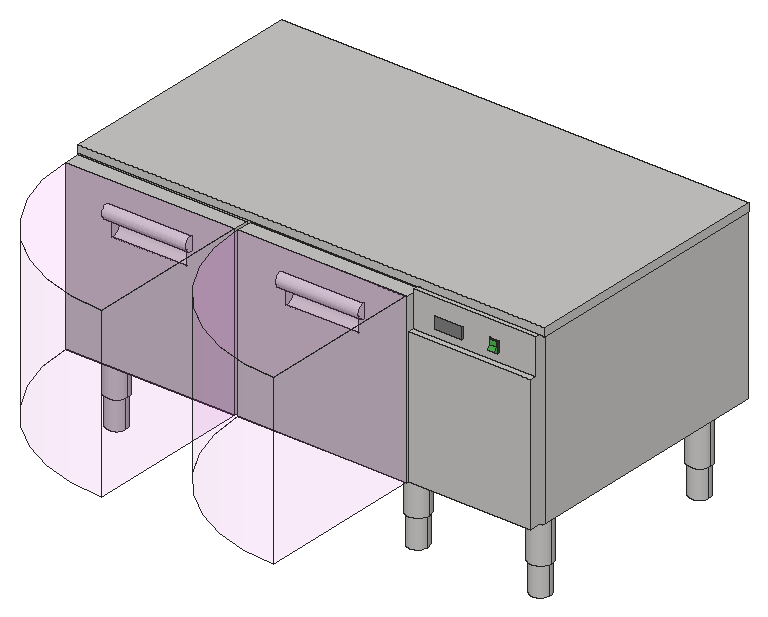
Revit family "QF_ZANUSSI_372291_Z7TTCECOMIN", category Specialty Equipment, Revit 2021 (continued)
Automatic sketch dimensions
  Split face 9 sketch curve to Split face 9 sketch curve = 31.959 mm
  Split face 9 sketch curve to Extrusion 2 = 82.999 mm
  Split face 9 sketch curve to Split face 9 sketch curve = 4 mm
  Split face 10 sketch curve to Extrusion 2 = 30.5 mm
  Split face 10 sketch curve to Split face 10 sketch curve = 0.02 mm  (x2)
  Split face 10 sketch curve to Split face 10 sketch curve = 31.959 mm
  Split face 10 sketch curve to Extrusion 2 = 71 mm
  Split face 10 sketch curve to Split face 10 sketch curve = 4 mm
  Split face 11 sketch curve to Extrusion 2 = 30.5 mm
  Split face 11 sketch curve to Split face 11 sketch curve = 0.02 mm  (x2)
  Split face 11 sketch curve to Split face 11 sketch curve = 31.959 mm
  Split face 11 sketch curve to Extrusion 2 = 59 mm
  Split face 11 sketch curve to Split face 11 sketch curve = 4 mm
  Split face 12 sketch curve to Extrusion 2 = 30.5 mm
  Split face 12 sketch curve to Split face 12 sketch curve = 0.02 mm  (x2)
  Split face 12 sketch curve to Split face 12 sketch curve = 31.959 mm
  Split face 12 sketch curve to Extrusion 2 = 47 mm
  Split face 12 sketch curve to Split face 12 sketch curve = 4 mm
  Split face 13 sketch curve to Extrusion 2 = 30.5 mm
  Split face 13 sketch curve to Split face 13 sketch curve = 0.02 mm  (x2)
  Split face 13 sketch curve to Split face 13 sketch curve = 31.959 mm
  Split face 13 sketch curve to Extrusion 2 = 35 mm
  Split face 13 sketch curve to Split face 13 sketch curve = 4 mm
  Split face 14 sketch curve to Extrusion 2 = 30.5 mm
  Split face 14 sketch curve to Split face 14 sketch curve = 0.02 mm  (x2)
  Split face 14 sketch curve to Split face 14 sketch curve = 31.959 mm
  Split face 14 sketch curve to Extrusion 2 = 23 mm
  Split face 14 sketch curve to Split face 14 sketch curve = 4 mm
  Split face 15 sketch curve to Extrusion 2 = 30.5 mm
  Split face 15 sketch curve to Split face 15 sketch curve = 0.02 mm  (x2)
  Split face 15 sketch curve to Split face 15 sketch curve = 31.959 mm
  Split face 15 sketch curve to Extrusion 2 = 130.896 mm
  Split face 15 sketch curve to Split face 15 sketch curve = 4 mm
  plane 10 to Extrusion 6 sketch curve = 15 mm
  Extrusion 7 sketch curve to plane 11 = 0 mm
  Extrusion 7 sketch curve to plane 6 "BACK" = 0 mm
  Extrusion 7 sketch curve to plane 14 "TOP" = 0 mm
  plane 14 "TOP" to Extrusion 7 sketch curve = 20 mm
  Extrusion 8 sketch curve to plane 7 "FRONT" = 0 mm  (x3)
  Extrusion 8 sketch curve to plane 14 "TOP" = 90.566 mm
  Extrusion 8 sketch curve to Extrusion 8 sketch curve = 8.275 mm
  Extrusion 9 sketch curve to plane 7 "FRONT" = 0 mm
  Extrusion 9 sketch curve to plane 7 "FRONT" = 2.777 mm
  plane 7 "FRONT" to Extrusion 9 sketch curve = 21.853 mm
  Extrusion 9 sketch curve to plane 11 = 4.5 mm
  Extrusion 9 sketch curve to plane 14 "TOP" = 128.294 mm
  Extrusion 9 sketch curve to Extrusion 9 sketch curve = 18.821 mm
  Extrusion 10 sketch curve to plane 7 "FRONT" = 0 mm  (x3)
  Extrusion 10 sketch curve to plane 14 "TOP" = 90.566 mm
  Extrusion 10 sketch curve to Extrusion 10 sketch curve = 8.275 mm
  Extrusion 11 sketch curve to plane 7 "FRONT" = 0 mm
  Extrusion 11 sketch curve to plane 7 "FRONT" = 2.777 mm
  plane 7 "FRONT" to Extrusion 11 sketch curve = 21.853 mm
  Extrusion 11 sketch curve to plane 11 = 4.5 mm
  Extrusion 11 sketch curve to plane 14 "TOP" = 128.294 mm
  Extrusion 11 sketch curve to Extrusion 11 sketch curve = 18.821 mm
  Extrusion 7 to Extrusion 12 sketch curve = 40.593 mm  (x2)
  Extrusion 12 sketch curve to Extrusion 12 sketch curve = 3.906 mm
  Extrusion 12 sketch curve to Extrusion 12 sketch curve = 0 mm
  Extrusion 12 sketch curve to Extrusion 12 sketch curve = 427.613 mm  (x2)
  Extrusion 7 to Extrusion 12 sketch curve = 4 mm
  Extrusion 12 sketch curve to Extrusion 12 sketch curve = 431.508 mm
  Extrusion 12 sketch curve to Extrusion 12 sketch curve = 8 mm
  Extrusion 7 to Extrusion 12 sketch curve = 320.492 mm
  Extrusion 13 sketch curve to plane 14 "TOP" = 0.8 mm  (x2)
  plane 12 to Extrusion 13 sketch curve = 51 mm
  Extrusion 13 sketch curve to plane 12 = 72.699 mm
  Extrusion 13 sketch curve to plane 3 "Centro (Sinistra/Destra)" = 29.3 mm
  plane 13 to Extrusion 13 sketch curve = 1.587 mm  (x2)
  Extrusion 13 sketch curve to plane 3 "Centro (Sinistra/Destra)" = 153 mm
  Extrusion 13 sketch curve to Extrusion 13 sketch curve = 7.999 mm
  Extrusion 13 sketch curve to Extrusion 13 sketch curve = 123.7 mm
  plane 9 to Extrusion 13 sketch curve = 68.7 mm
  plane 15 "LEFT" to Extrusion 13 sketch curve = 5 mm
  Extrusion 13 sketch curve to plane 14 "TOP" = 128.294 mm  (x2)
  Extrusion 13 sketch curve to Extrusion 13 sketch curve = 43.294 mm  (x2)
  Split face 16 sketch curve to Extrusion 2 = 30.5 mm
  Split face 16 sketch curve to Split face 16 sketch curve = 0.02 mm  (x2)
  Split face 16 sketch curve to Split face 16 sketch curve = 31.959 mm
  Split face 16 sketch curve to Extrusion 2 = 118.208 mm
  Split face 16 sketch curve to Split face 16 sketch curve = 4 mm
  Split face 17 sketch curve to Extrusion 2 = 30.5 mm
  Split face 17 sketch curve to Split face 17 sketch curve = 0.02 mm  (x2)
  Split face 17 sketch curve to Split face 17 sketch curve = 31.959 mm
  Split face 17 sketch curve to Extrusion 2 = 130.208 mm
  Split face 17 sketch curve to Split face 17 sketch curve = 4 mm
  Split face 18 sketch curve to Extrusion 2 = 30.5 mm
  Split face 18 sketch curve to Split face 18 sketch curve = 0.02 mm  (x2)
  Split face 18 sketch curve to Split face 18 sketch curve = 31.959 mm
  Split face 18 sketch curve to Extrusion 2 = 142.208 mm
  Split face 18 sketch curve to Split face 18 sketch curve = 4 mm
  Split face 19 sketch curve to Extrusion 2 = 30.5 mm
  Split face 19 sketch curve to Split face 19 sketch curve = 0.02 mm  (x2)
  Split face 19 sketch curve to Split face 19 sketch curve = 31.959 mm
  Split face 19 sketch curve to Extrusion 2 = 154.896 mm
  Split face 19 sketch curve to Split face 19 sketch curve = 4 mm
  Split face 20 sketch curve to Extrusion 2 = 30.5 mm
  Split face 20 sketch curve to Split face 20 sketch curve = 0.02 mm  (x2)
  Split face 20 sketch curve to Split face 20 sketch curve = 31.959 mm
  Split face 20 sketch curve to Extrusion 2 = 142.896 mm
  Split face 20 sketch curve to Split face 20 sketch curve = 4 mm
  Split face 21 sketch curve to Extrusion 2 = 30.5 mm
  Split face 21 sketch curve to Split face 21 sketch curve = 0.02 mm  (x2)
  Split face 21 sketch curve to Split face 21 sketch curve = 31.959 mm
  Split face 21 sketch curve to Extrusion 2 = 106.208 mm
  Split face 21 sketch curve to Split face 21 sketch curve = 4 mm
  Split face 22 sketch curve to Extrusion 2 = 14.312 mm
  Split face 22 sketch curve to Extrusion 2 = 30.5 mm
  Split face 22 sketch curve to Split face 22 sketch curve = 0.02 mm  (x2)
  Split face 22 sketch curve to Extrusion 2 = 10.312 mm
  Split face 22 sketch curve to Split face 22 sketch curve = 31.959 mm
  Split face 23 sketch curve to Extrusion 2 = 30.5 mm
  Split face 23 sketch curve to Split face 23 sketch curve = 0.02 mm  (x2)
  Split face 23 sketch curve to Split face 23 sketch curve = 31.959 mm
  Split face 23 sketch curve to Extrusion 2 = 22.312 mm
  Split face 23 sketch curve to Split face 23 sketch curve = 4 mm
  Split face 24 sketch curve to Extrusion 2 = 30.5 mm
  Split face 24 sketch curve to Split face 24 sketch curve = 0.02 mm  (x2)
  Split face 24 sketch curve to Split face 24 sketch curve = 31.959 mm
  Split face 24 sketch curve to Extrusion 2 = 34.312 mm
  Split face 24 sketch curve to Split face 24 sketch curve = 4 mm
  Split face 25 sketch curve to Extrusion 2 = 30.5 mm
  Split face 25 sketch curve to Split face 25 sketch curve = 0.02 mm  (x2)
  Split face 25 sketch curve to Split face 25 sketch curve = 31.959 mm
  Split face 25 sketch curve to Extrusion 2 = 46.209 mm
  Split face 25 sketch curve to Split face 25 sketch curve = 4 mm
  Split face 26 sketch curve to Extrusion 2 = 30.5 mm
  Split face 26 sketch curve to Split face 26 sketch curve = 0.02 mm  (x2)
  Split face 26 sketch curve to Split face 26 sketch curve = 31.959 mm
  Split face 26 sketch curve to Extrusion 2 = 58.208 mm
  Split face 26 sketch curve to Split face 26 sketch curve = 4 mm
  Split face 27 sketch curve to Extrusion 2 = 30.5 mm
  Split face 27 sketch curve to Split face 27 sketch curve = 0.02 mm  (x2)
  Split face 27 sketch curve to Split face 27 sketch curve = 31.959 mm
  Split face 27 sketch curve to Extrusion 2 = 70.208 mm
  Split face 27 sketch curve to Split face 27 sketch curve = 4 mm
  Split face 28 sketch curve to Extrusion 2 = 30.5 mm
  Split face 28 sketch curve to Split face 28 sketch curve = 0.02 mm  (x2)
  Split face 28 sketch curve to Split face 28 sketch curve = 31.959 mm
  Split face 28 sketch curve to Extrusion 2 = 82.208 mm
  Split face 28 sketch curve to Split face 28 sketch curve = 4 mm
  Split face 29 sketch curve to Extrusion 2 = 30.5 mm
  Split face 29 sketch curve to Split face 29 sketch curve = 0.02 mm  (x2)
  Split face 29 sketch curve to Split face 29 sketch curve = 31.959 mm
  Split face 29 sketch curve to Extrusion 2 = 94.208 mm
  Split face 29 sketch curve to Split face 29 sketch curve = 4 mm
  Split face 30 sketch curve to Extrusion 2 = 85.5 mm
  Split face 30 sketch curve to Split face 30 sketch curve = 0.02 mm  (x2)
  Split face 30 sketch curve to Split face 30 sketch curve = 31.959 mm
  Split face 30 sketch curve to Extrusion 2 = 118.896 mm
  Split face 30 sketch curve to Split face 30 sketch curve = 4 mm
  Split face 31 sketch curve to Extrusion 2 = 85.5 mm
  Split face 31 sketch curve to Split face 31 sketch curve = 0.02 mm  (x2)
  Split face 31 sketch curve to Split face 31 sketch curve = 31.959 mm
  Split face 31 sketch curve to Extrusion 2 = 106.896 mm
  Split face 31 sketch curve to Split face 31 sketch curve = 4 mm
  Split face 32 sketch curve to Extrusion 2 = 85.5 mm
  Split face 32 sketch curve to Split face 32 sketch curve = 0.02 mm  (x2)
  Split face 32 sketch curve to Split face 32 sketch curve = 31.959 mm
  Split face 32 sketch curve to Extrusion 2 = 94.897 mm
  Split face 32 sketch curve to Split face 32 sketch curve = 4 mm
  Split face 33 sketch curve to Extrusion 2 = 85.5 mm
  Split face 33 sketch curve to Split face 33 sketch curve = 0.02 mm  (x2)
  Split face 33 sketch curve to Split face 33 sketch curve = 31.959 mm
  Split face 33 sketch curve to Extrusion 2 = 82.999 mm
  Split face 33 sketch curve to Split face 33 sketch curve = 4 mm
  Split face 34 sketch curve to Extrusion 2 = 85.5 mm
  Split face 34 sketch curve to Split face 34 sketch curve = 0.02 mm  (x2)
  Split face 34 sketch curve to Split face 34 sketch curve = 31.959 mm
  Split face 34 sketch curve to Extrusion 2 = 71 mm
  Split face 34 sketch curve to Split face 34 sketch curve = 4 mm
  Split face 35 sketch curve to Extrusion 2 = 85.5 mm
  Split face 35 sketch curve to Split face 35 sketch curve = 0.02 mm  (x2)
  Split face 35 sketch curve to Split face 35 sketch curve = 31.959 mm
  Split face 35 sketch curve to Extrusion 2 = 59 mm
  Split face 35 sketch curve to Split face 35 sketch curve = 4 mm
  Split face 36 sketch curve to Extrusion 2 = 85.5 mm
  Split face 36 sketch curve to Split face 36 sketch curve = 0.02 mm  (x2)
  Split face 36 sketch curve to Split face 36 sketch curve = 31.959 mm
  Split face 36 sketch curve to Extrusion 2 = 47 mm
  Split face 36 sketch curve to Split face 36 sketch curve = 4 mm
  Split face 37 sketch curve to Extrusion 2 = 31 mm
  Split face 37 sketch curve to Extrusion 2 = 85.5 mm
  Split face 37 sketch curve to Split face 37 sketch curve = 0.02 mm  (x2)
  Split face 37 sketch curve to Split face 37 sketch curve = 31.959 mm
  Split face 37 sketch curve to Split face 37 sketch curve = 4 mm
  Split face 38 sketch curve to Extrusion 2 = 19 mm
  Split face 38 sketch curve to Extrusion 2 = 85.5 mm
  Split face 38 sketch curve to Split face 38 sketch curve = 0.02 mm  (x2)
  Split face 38 sketch curve to Split face 38 sketch curve = 31.959 mm
  Split face 38 sketch curve to Split face 38 sketch curve = 4 mm
  Split face 39 sketch curve to Extrusion 2 = 85.5 mm
  Split face 39 sketch curve to Split face 39 sketch curve = 0.02 mm  (x2)
  Split face 39 sketch curve to Split face 39 sketch curve = 31.959 mm
  Split face 39 sketch curve to Extrusion 2 = 130.896 mm
  Split face 39 sketch curve to Split face 39 sketch curve = 4 mm
  Split face 40 sketch curve to Extrusion 2 = 85.5 mm
  Split face 40 sketch curve to Split face 40 sketch curve = 0.02 mm  (x2)
  Split face 40 sketch curve to Split face 40 sketch curve = 31.959 mm
  Split face 40 sketch curve to Extrusion 2 = 118.208 mm
  Split face 40 sketch curve to Split face 40 sketch curve = 4 mm
  Split face 41 sketch curve to Extrusion 2 = 85.5 mm
  Split face 41 sketch curve to Split face 41 sketch curve = 0.02 mm  (x2)
  Split face 41 sketch curve to Split face 41 sketch curve = 31.959 mm
  Split face 41 sketch curve to Extrusion 2 = 130.208 mm
  Split face 41 sketch curve to Split face 41 sketch curve = 4 mm
  Split face 42 sketch curve to Extrusion 2 = 85.5 mm
  Split face 42 sketch curve to Split face 42 sketch curve = 0.02 mm  (x2)
  Split face 42 sketch curve to Split face 42 sketch curve = 31.959 mm
  Split face 42 sketch curve to Extrusion 2 = 142.208 mm
  Split face 42 sketch curve to Split face 42 sketch curve = 4 mm
  Split face 43 sketch curve to Extrusion 2 = 85.5 mm
  Split face 43 sketch curve to Split face 43 sketch curve = 0.02 mm  (x2)
  Split face 43 sketch curve to Split face 43 sketch curve = 31.959 mm
  Split face 43 sketch curve to Extrusion 2 = 154.896 mm
  Split face 43 sketch curve to Split face 43 sketch curve = 4 mm
  Split face 44 sketch curve to Extrusion 2 = 85.5 mm
  Split face 44 sketch curve to Split face 44 sketch curve = 0.02 mm  (x2)
  Split face 44 sketch curve to Split face 44 sketch curve = 31.959 mm
  Split face 44 sketch curve to Extrusion 2 = 142.896 mm
  Split face 44 sketch curve to Split face 44 sketch curve = 4 mm
  Split face 45 sketch curve to Extrusion 2 = 85.5 mm
  Split face 45 sketch curve to Split face 45 sketch curve = 0.02 mm  (x2)
  Split face 45 sketch curve to Split face 45 sketch curve = 31.959 mm
  Split face 45 sketch curve to Extrusion 2 = 106.208 mm
  Split face 45 sketch curve to Split face 45 sketch curve = 4 mm
  Split face 46 sketch curve to Extrusion 2 = 14.312 mm
  Split face 46 sketch curve to Extrusion 2 = 85.5 mm
  Split face 46 sketch curve to Split face 46 sketch curve = 0.02 mm  (x2)
  Split face 46 sketch curve to Extrusion 2 = 10.312 mm
  Split face 46 sketch curve to Split face 46 sketch curve = 31.959 mm
  Split face 47 sketch curve to Extrusion 2 = 26.312 mm
  Split face 47 sketch curve to Extrusion 2 = 85.5 mm
  Split face 47 sketch curve to Split face 47 sketch curve = 0.02 mm  (x2)
  Split face 47 sketch curve to Split face 47 sketch curve = 31.959 mm
  Split face 47 sketch curve to Split face 47 sketch curve = 4 mm
  Split face 48 sketch curve to Extrusion 2 = 38.311 mm
  Split face 48 sketch curve to Extrusion 2 = 85.5 mm
  Split face 48 sketch curve to Split face 48 sketch curve = 0.02 mm  (x2)
  Split face 48 sketch curve to Split face 48 sketch curve = 31.959 mm
  Split face 48 sketch curve to Split face 48 sketch curve = 4 mm
  Split face 49 sketch curve to Extrusion 2 = 85.5 mm
  Split face 49 sketch curve to Split face 49 sketch curve = 0.02 mm  (x2)
  Split face 49 sketch curve to Split face 49 sketch curve = 31.959 mm
  Split face 49 sketch curve to Extrusion 2 = 46.209 mm
  Split face 49 sketch curve to Split face 49 sketch curve = 4 mm
  Split face 50 sketch curve to Extrusion 2 = 85.5 mm
  Split face 50 sketch curve to Split face 50 sketch curve = 0.02 mm  (x2)
  Split face 50 sketch curve to Split face 50 sketch curve = 31.959 mm
  Split face 50 sketch curve to Extrusion 2 = 58.208 mm
  Split face 50 sketch curve to Split face 50 sketch curve = 4 mm
  Split face 51 sketch curve to Extrusion 2 = 85.5 mm
  Split face 51 sketch curve to Split face 51 sketch curve = 0.02 mm  (x2)
  Split face 51 sketch curve to Split face 51 sketch curve = 31.959 mm
  Split face 51 sketch curve to Extrusion 2 = 70.208 mm
  Split face 51 sketch curve to Split face 51 sketch curve = 4 mm
  Split face 52 sketch curve to Extrusion 2 = 85.5 mm
  Split face 52 sketch curve to Split face 52 sketch curve = 0.02 mm  (x2)
  Split face 52 sketch curve to Split face 52 sketch curve = 31.959 mm
  Split face 52 sketch curve to Extrusion 2 = 82.208 mm
  Split face 52 sketch curve to Split face 52 sketch curve = 4 mm
  Split face 53 sketch curve to Extrusion 2 = 85.5 mm
  Split face 53 sketch curve to Split face 53 sketch curve = 0.02 mm  (x2)
  Split face 53 sketch curve to Split face 53 sketch curve = 31.959 mm
  Split face 53 sketch curve to Extrusion 2 = 94.208 mm
  Split face 53 sketch curve to Split face 53 sketch curve = 4 mm
  Split face 54 sketch curve to Extrusion 2 = 140.5 mm
  Split face 54 sketch curve to Split face 54 sketch curve = 0.02 mm  (x2)
  Split face 54 sketch curve to Split face 54 sketch curve = 31.959 mm
  Split face 54 sketch curve to Extrusion 2 = 118.896 mm
  Split face 54 sketch curve to Split face 54 sketch curve = 4 mm
  Split face 55 sketch curve to Extrusion 2 = 140.5 mm
  Split face 55 sketch curve to Split face 55 sketch curve = 0.02 mm  (x2)
  Split face 55 sketch curve to Split face 55 sketch curve = 31.959 mm
  Split face 55 sketch curve to Extrusion 2 = 106.896 mm
  Split face 55 sketch curve to Split face 55 sketch curve = 4 mm
  Split face 56 sketch curve to Extrusion 2 = 140.5 mm
  Split face 56 sketch curve to Split face 56 sketch curve = 0.02 mm  (x2)
  Split face 56 sketch curve to Split face 56 sketch curve = 31.959 mm
  Split face 56 sketch curve to Extrusion 2 = 94.897 mm
  Split face 56 sketch curve to Split face 56 sketch curve = 4 mm
  Split face 57 sketch curve to Extrusion 2 = 140.5 mm
  Split face 57 sketch curve to Split face 57 sketch curve = 0.02 mm  (x2)
  Split face 57 sketch curve to Split face 57 sketch curve = 31.959 mm
  Split face 57 sketch curve to Extrusion 2 = 82.999 mm
  Split face 57 sketch curve to Split face 57 sketch curve = 4 mm
  Split face 58 sketch curve to Extrusion 2 = 67 mm
  Split face 58 sketch curve to Extrusion 2 = 140.5 mm
  Split face 58 sketch curve to Split face 58 sketch curve = 0.02 mm  (x2)
  Split face 58 sketch curve to Split face 58 sketch curve = 31.959 mm
  Split face 58 sketch curve to Split face 58 sketch curve = 4 mm
  Split face 59 sketch curve to Extrusion 2 = 55 mm
  Split face 59 sketch curve to Extrusion 2 = 140.5 mm
  Split face 59 sketch curve to Split face 59 sketch curve = 0.02 mm  (x2)
  Split face 59 sketch curve to Split face 59 sketch curve = 31.959 mm
  Split face 59 sketch curve to Split face 59 sketch curve = 4 mm
  Split face 60 sketch curve to Extrusion 2 = 43 mm
  Split face 60 sketch curve to Extrusion 2 = 140.5 mm
  Split face 60 sketch curve to Split face 60 sketch curve = 0.02 mm  (x2)
  Split face 60 sketch curve to Split face 60 sketch curve = 31.959 mm
  Split face 60 sketch curve to Split face 60 sketch curve = 4 mm
  Split face 61 sketch curve to Extrusion 2 = 31 mm
  Split face 61 sketch curve to Extrusion 2 = 140.5 mm
  Split face 61 sketch curve to Split face 61 sketch curve = 0.02 mm  (x2)
  Split face 61 sketch curve to Split face 61 sketch curve = 31.959 mm
  Split face 61 sketch curve to Split face 61 sketch curve = 4 mm
  Split face 62 sketch curve to Extrusion 2 = 19 mm
  Split face 62 sketch curve to Extrusion 2 = 140.5 mm
  Split face 62 sketch curve to Split face 62 sketch curve = 0.02 mm  (x2)
  Split face 62 sketch curve to Split face 62 sketch curve = 31.959 mm
  Split face 62 sketch curve to Split face 62 sketch curve = 4 mm
  Split face 63 sketch curve to Extrusion 2 = 140.5 mm
  Split face 63 sketch curve to Split face 63 sketch curve = 0.02 mm  (x2)
  Split face 63 sketch curve to Split face 63 sketch curve = 31.959 mm
  Split face 63 sketch curve to Extrusion 2 = 130.896 mm
  Split face 63 sketch curve to Split face 63 sketch curve = 4 mm
  Split face 64 sketch curve to Extrusion 2 = 140.5 mm
  Split face 64 sketch curve to Split face 64 sketch curve = 0.02 mm  (x2)
  Split face 64 sketch curve to Split face 64 sketch curve = 31.959 mm
  Split face 64 sketch curve to Extrusion 2 = 118.208 mm
  Split face 64 sketch curve to Split face 64 sketch curve = 4 mm
  Split face 65 sketch curve to Extrusion 2 = 140.5 mm
  Split face 65 sketch curve to Split face 65 sketch curve = 0.02 mm  (x2)
  Split face 65 sketch curve to Split face 65 sketch curve = 31.959 mm
  Split face 65 sketch curve to Extrusion 2 = 130.208 mm
  Split face 65 sketch curve to Split face 65 sketch curve = 4 mm
  Split face 66 sketch curve to Extrusion 2 = 140.5 mm
  Split face 66 sketch curve to Split face 66 sketch curve = 0.02 mm  (x2)
  Split face 66 sketch curve to Split face 66 sketch curve = 31.959 mm
  Split face 66 sketch curve to Extrusion 2 = 142.208 mm
  Split face 66 sketch curve to Split face 66 sketch curve = 4 mm
  Split face 67 sketch curve to Extrusion 2 = 140.5 mm
  Split face 67 sketch curve to Split face 67 sketch curve = 0.02 mm  (x2)
  Split face 67 sketch curve to Split face 67 sketch curve = 31.959 mm
  Split face 67 sketch curve to Extrusion 2 = 154.896 mm
  Split face 67 sketch curve to Split face 67 sketch curve = 4 mm
  Split face 68 sketch curve to Extrusion 2 = 140.5 mm
  Split face 68 sketch curve to Split face 68 sketch curve = 0.02 mm  (x2)
  Split face 68 sketch curve to Split face 68 sketch curve = 31.959 mm
  Split face 68 sketch curve to Extrusion 2 = 142.896 mm
  Split face 68 sketch curve to Split face 68 sketch curve = 4 mm
  Split face 69 sketch curve to Extrusion 2 = 140.5 mm
  Split face 69 sketch curve to Split face 69 sketch curve = 0.02 mm  (x2)
  Split face 69 sketch curve to Split face 69 sketch curve = 31.959 mm
  Split face 69 sketch curve to Extrusion 2 = 106.208 mm
  Split face 69 sketch curve to Split face 69 sketch curve = 4 mm
  Split face 70 sketch curve to Extrusion 2 = 14.312 mm
  Split face 70 sketch curve to Extrusion 2 = 140.5 mm
  Split face 70 sketch curve to Split face 70 sketch curve = 0.02 mm  (x2)
  Split face 70 sketch curve to Extrusion 2 = 10.312 mm
  Split face 70 sketch curve to Split face 70 sketch curve = 31.959 mm
  Split face 71 sketch curve to Extrusion 2 = 26.312 mm
  Split face 71 sketch curve to Extrusion 2 = 140.5 mm
  Split face 71 sketch curve to Split face 71 sketch curve = 0.02 mm  (x2)
  Split face 71 sketch curve to Split face 71 sketch curve = 31.959 mm
  Split face 71 sketch curve to Split face 71 sketch curve = 4 mm
  Split face 72 sketch curve to Extrusion 2 = 38.311 mm
  Split face 72 sketch curve to Extrusion 2 = 140.5 mm
  Split face 72 sketch curve to Split face 72 sketch curve = 0.02 mm  (x2)
  Split face 72 sketch curve to Split face 72 sketch curve = 31.959 mm
  Split face 72 sketch curve to Split face 72 sketch curve = 4 mm
  Split face 73 sketch curve to Extrusion 2 = 50.209 mm
  Split face 73 sketch curve to Extrusion 2 = 140.5 mm
  Split face 73 sketch curve to Split face 73 sketch curve = 0.02 mm  (x2)
  Split face 73 sketch curve to Split face 73 sketch curve = 31.959 mm
  Split face 73 sketch curve to Split face 73 sketch curve = 4 mm
  Split face 74 sketch curve to Extrusion 2 = 62.208 mm
  Split face 74 sketch curve to Extrusion 2 = 140.5 mm
  Split face 74 sketch curve to Split face 74 sketch curve = 0.02 mm  (x2)
  Split face 74 sketch curve to Split face 74 sketch curve = 31.959 mm
  Split face 74 sketch curve to Split face 74 sketch curve = 4 mm
  Split face 75 sketch curve to Extrusion 2 = 140.5 mm
  Split face 75 sketch curve to Split face 75 sketch curve = 0.02 mm  (x2)
  Split face 75 sketch curve to Split face 75 sketch curve = 31.959 mm
  Split face 75 sketch curve to Extrusion 2 = 70.208 mm
  Split face 75 sketch curve to Split face 75 sketch curve = 4 mm
  Split face 76 sketch curve to Extrusion 2 = 140.5 mm
  Split face 76 sketch curve to Split face 76 sketch curve = 0.02 mm  (x2)
  Split face 76 sketch curve to Split face 76 sketch curve = 31.959 mm
  Split face 76 sketch curve to Extrusion 2 = 82.208 mm
  Split face 76 sketch curve to Split face 76 sketch curve = 4 mm
  Split face 77 sketch curve to Extrusion 2 = 140.5 mm
  Split face 77 sketch curve to Split face 77 sketch curve = 0.02 mm  (x2)
  Split face 77 sketch curve to Split face 77 sketch curve = 31.959 mm
  Split face 77 sketch curve to Extrusion 2 = 94.208 mm
  Split face 77 sketch curve to Split face 77 sketch curve = 4 mm
  Split face 78 sketch curve to Extrusion 2 = 117.5 mm
  Split face 78 sketch curve to Split face 78 sketch curve = 0.02 mm  (x2)
  Split face 78 sketch curve to Split face 78 sketch curve = 31.959 mm
  Split face 78 sketch curve to Extrusion 2 = 118.896 mm
  Split face 78 sketch curve to Split face 78 sketch curve = 4 mm
  Split face 79 sketch curve to Extrusion 2 = 117.5 mm
  Split face 79 sketch curve to Split face 79 sketch curve = 0.02 mm  (x2)
  Split face 79 sketch curve to Split face 79 sketch curve = 31.959 mm
  Split face 79 sketch curve to Extrusion 2 = 106.896 mm
  Split face 79 sketch curve to Split face 79 sketch curve = 4 mm
  Split face 80 sketch curve to Extrusion 2 = 117.5 mm
  Split face 80 sketch curve to Split face 80 sketch curve = 0.02 mm  (x2)
  Split face 80 sketch curve to Split face 80 sketch curve = 31.959 mm
  Split face 80 sketch curve to Extrusion 2 = 94.897 mm
  Split face 80 sketch curve to Split face 80 sketch curve = 4 mm
  Split face 81 sketch curve to Extrusion 2 = 117.5 mm
  Split face 81 sketch curve to Split face 81 sketch curve = 0.02 mm  (x2)
  Split face 81 sketch curve to Split face 81 sketch curve = 31.959 mm
  Split face 81 sketch curve to Extrusion 2 = 82.999 mm
  Split face 81 sketch curve to Split face 81 sketch curve = 4 mm
  Split face 82 sketch curve to Extrusion 2 = 117.5 mm
  Split face 82 sketch curve to Split face 82 sketch curve = 0.02 mm  (x2)
  Split face 82 sketch curve to Split face 82 sketch curve = 31.959 mm
  Split face 82 sketch curve to Extrusion 2 = 71 mm
  Split face 82 sketch curve to Split face 82 sketch curve = 4 mm
  Split face 83 sketch curve to Extrusion 2 = 55 mm
  Split face 83 sketch curve to Extrusion 2 = 117.5 mm
  Split face 83 sketch curve to Split face 83 sketch curve = 0.02 mm  (x2)
  Split face 83 sketch curve to Split face 83 sketch curve = 31.959 mm
  Split face 83 sketch curve to Split face 83 sketch curve = 4 mm
  Split face 84 sketch curve to Extrusion 2 = 43 mm
  Split face 84 sketch curve to Extrusion 2 = 117.5 mm
  Split face 84 sketch curve to Split face 84 sketch curve = 0.02 mm  (x2)
  Split face 84 sketch curve to Split face 84 sketch curve = 31.959 mm
  Split face 84 sketch curve to Split face 84 sketch curve = 4 mm
  Split face 85 sketch curve to Extrusion 2 = 31 mm
  Split face 85 sketch curve to Extrusion 2 = 117.5 mm
  Split face 85 sketch curve to Split face 85 sketch curve = 0.02 mm  (x2)
  Split face 85 sketch curve to Split face 85 sketch curve = 31.959 mm
  Split face 85 sketch curve to Split face 85 sketch curve = 4 mm
  Split face 86 sketch curve to Extrusion 2 = 19 mm
  Split face 86 sketch curve to Extrusion 2 = 117.5 mm
  Split face 86 sketch curve to Split face 86 sketch curve = 0.02 mm  (x2)
  Split face 86 sketch curve to Split face 86 sketch curve = 31.959 mm
  Split face 86 sketch curve to Split face 86 sketch curve = 4 mm
  Split face 87 sketch curve to Extrusion 2 = 117.5 mm
  Split face 87 sketch curve to Split face 87 sketch curve = 0.02 mm  (x2)
  Split face 87 sketch curve to Split face 87 sketch curve = 31.959 mm
  Split face 87 sketch curve to Extrusion 2 = 130.896 mm
  Split face 87 sketch curve to Split face 87 sketch curve = 4 mm
  Split face 88 sketch curve to Extrusion 2 = 117.5 mm
  Split face 88 sketch curve to Split face 88 sketch curve = 0.02 mm  (x2)
  Split face 88 sketch curve to Split face 88 sketch curve = 31.959 mm
  Split face 88 sketch curve to Extrusion 2 = 118.208 mm
  Split face 88 sketch curve to Split face 88 sketch curve = 4 mm
  Split face 89 sketch curve to Extrusion 2 = 117.5 mm
  Split face 89 sketch curve to Split face 89 sketch curve = 0.02 mm  (x2)
  Split face 89 sketch curve to Split face 89 sketch curve = 31.959 mm
  Split face 89 sketch curve to Extrusion 2 = 130.208 mm
  Split face 89 sketch curve to Split face 89 sketch curve = 4 mm
  Split face 90 sketch curve to Extrusion 2 = 117.5 mm
  Split face 90 sketch curve to Split face 90 sketch curve = 0.02 mm  (x2)
  Split face 90 sketch curve to Split face 90 sketch curve = 31.959 mm
  Split face 90 sketch curve to Extrusion 2 = 142.208 mm
  Split face 90 sketch curve to Split face 90 sketch curve = 4 mm
  Split face 91 sketch curve to Extrusion 2 = 117.5 mm
  Split face 91 sketch curve to Split face 91 sketch curve = 0.02 mm  (x2)
  Split face 91 sketch curve to Split face 91 sketch curve = 31.959 mm
  Split face 91 sketch curve to Extrusion 2 = 154.896 mm
  Split face 91 sketch curve to Split face 91 sketch curve = 4 mm
  Split face 92 sketch curve to Extrusion 2 = 117.5 mm
  Split face 92 sketch curve to Split face 92 sketch curve = 0.02 mm  (x2)
  Split face 92 sketch curve to Split face 92 sketch curve = 31.959 mm
  Split face 92 sketch curve to Extrusion 2 = 142.896 mm
  Split face 92 sketch curve to Split face 92 sketch curve = 4 mm
  Split face 93 sketch curve to Extrusion 2 = 117.5 mm
  Split face 93 sketch curve to Split face 93 sketch curve = 0.02 mm  (x2)
  Split face 93 sketch curve to Split face 93 sketch curve = 31.959 mm
  Split face 93 sketch curve to Extrusion 2 = 106.208 mm
  Split face 93 sketch curve to Split face 93 sketch curve = 4 mm
  Split face 94 sketch curve to Extrusion 2 = 14.312 mm
  Split face 94 sketch curve to Extrusion 2 = 117.5 mm
  Split face 94 sketch curve to Split face 94 sketch curve = 0.02 mm  (x2)
  Split face 94 sketch curve to Extrusion 2 = 10.312 mm
  Split face 94 sketch curve to Split face 94 sketch curve = 31.959 mm
  Split face 95 sketch curve to Extrusion 2 = 26.312 mm
  Split face 95 sketch curve to Extrusion 2 = 117.5 mm
  Split face 95 sketch curve to Split face 95 sketch curve = 0.02 mm  (x2)
  Split face 95 sketch curve to Split face 95 sketch curve = 31.959 mm
  Split face 95 sketch curve to Split face 95 sketch curve = 4 mm
  Split face 96 sketch curve to Extrusion 2 = 38.311 mm
  Split face 96 sketch curve to Extrusion 2 = 117.5 mm
  Split face 96 sketch curve to Split face 96 sketch curve = 0.02 mm  (x2)
  Split face 96 sketch curve to Split face 96 sketch curve = 31.959 mm
  Split face 96 sketch curve to Split face 96 sketch curve = 4 mm
  Split face 97 sketch curve to Extrusion 2 = 50.209 mm
  Split face 97 sketch curve to Extrusion 2 = 117.5 mm
  Split face 97 sketch curve to Split face 97 sketch curve = 0.02 mm  (x2)
  Split face 97 sketch curve to Split face 97 sketch curve = 31.959 mm
  Split face 97 sketch curve to Split face 97 sketch curve = 4 mm
  Split face 98 sketch curve to Extrusion 2 = 117.5 mm
  Split face 98 sketch curve to Split face 98 sketch curve = 0.02 mm  (x2)
  Split face 98 sketch curve to Split face 98 sketch curve = 31.959 mm
  Split face 98 sketch curve to Extrusion 2 = 58.208 mm
  Split face 98 sketch curve to Split face 98 sketch curve = 4 mm
  Split face 99 sketch curve to Extrusion 2 = 117.5 mm
  Split face 99 sketch curve to Split face 99 sketch curve = 0.02 mm  (x2)
  Split face 99 sketch curve to Split face 99 sketch curve = 31.959 mm
  Split face 99 sketch curve to Extrusion 2 = 70.208 mm
  Split face 99 sketch curve to Split face 99 sketch curve = 4 mm
  Split face 100 sketch curve to Extrusion 2 = 117.5 mm
  Split face 100 sketch curve to Split face 100 sketch curve = 0.02 mm  (x2)
  Split face 100 sketch curve to Split face 100 sketch curve = 31.959 mm
  Split face 100 sketch curve to Extrusion 2 = 82.208 mm
  Split face 100 sketch curve to Split face 100 sketch curve = 4 mm
  Split face 101 sketch curve to Extrusion 2 = 117.5 mm
  Split face 101 sketch curve to Split face 101 sketch curve = 0.02 mm  (x2)
  Split face 101 sketch curve to Split face 101 sketch curve = 31.959 mm
  Split face 101 sketch curve to Extrusion 2 = 94.208 mm
  Split face 101 sketch curve to Split face 101 sketch curve = 4 mm
  Split face 102 sketch curve to Extrusion 2 = 62.5 mm
  Split face 102 sketch curve to Split face 102 sketch curve = 0.02 mm  (x2)
  Split face 102 sketch curve to Extrusion 2 = 30.521 mm
  Split face 102 sketch curve to Extrusion 2 = 118.896 mm
  Split face 102 sketch curve to Split face 102 sketch curve = 4 mm
  Split face 103 sketch curve to Extrusion 2 = 62.5 mm
  Split face 103 sketch curve to Split face 103 sketch curve = 0.02 mm  (x2)
  Split face 103 sketch curve to Extrusion 2 = 30.521 mm
  Split face 103 sketch curve to Extrusion 2 = 106.896 mm
  Split face 103 sketch curve to Split face 103 sketch curve = 4 mm
  Split face 104 sketch curve to Extrusion 2 = 62.5 mm
  Split face 104 sketch curve to Split face 104 sketch curve = 0.02 mm  (x2)
  Split face 104 sketch curve to Extrusion 2 = 30.521 mm
  Split face 104 sketch curve to Extrusion 2 = 94.897 mm
  Split face 104 sketch curve to Split face 104 sketch curve = 4 mm
  Split face 105 sketch curve to Extrusion 2 = 62.5 mm
  Split face 105 sketch curve to Split face 105 sketch curve = 0.02 mm  (x2)
  Split face 105 sketch curve to Extrusion 2 = 30.521 mm
  Split face 105 sketch curve to Extrusion 2 = 82.999 mm
  Split face 105 sketch curve to Split face 105 sketch curve = 4 mm
  Split face 106 sketch curve to Extrusion 2 = 62.5 mm
  Split face 106 sketch curve to Split face 106 sketch curve = 0.02 mm  (x2)
  Split face 106 sketch curve to Extrusion 2 = 30.521 mm
  Split face 106 sketch curve to Extrusion 2 = 71 mm
  Split face 106 sketch curve to Split face 106 sketch curve = 4 mm
  Split face 107 sketch curve to Extrusion 2 = 62.5 mm
  Split face 107 sketch curve to Split face 107 sketch curve = 0.02 mm  (x2)
  Split face 107 sketch curve to Extrusion 2 = 30.521 mm
  Split face 107 sketch curve to Extrusion 2 = 59 mm
  Split face 107 sketch curve to Split face 107 sketch curve = 4 mm
  Split face 108 sketch curve to Extrusion 2 = 62.5 mm
  Split face 108 sketch curve to Split face 108 sketch curve = 0.02 mm  (x2)
  Split face 108 sketch curve to Extrusion 2 = 30.521 mm
  Split face 108 sketch curve to Extrusion 2 = 47 mm
  Split face 108 sketch curve to Split face 108 sketch curve = 4 mm
  Split face 109 sketch curve to Extrusion 2 = 31 mm
  Split face 109 sketch curve to Extrusion 2 = 62.5 mm
  Split face 109 sketch curve to Split face 109 sketch curve = 0.02 mm  (x2)
  Split face 109 sketch curve to Extrusion 2 = 30.521 mm
  Split face 109 sketch curve to Split face 109 sketch curve = 4 mm
  Split face 110 sketch curve to Extrusion 2 = 19 mm
  Split face 110 sketch curve to Extrusion 2 = 62.5 mm
  Split face 110 sketch curve to Split face 110 sketch curve = 0.02 mm  (x2)
  Split face 110 sketch curve to Extrusion 2 = 30.521 mm
  Split face 110 sketch curve to Split face 110 sketch curve = 4 mm
  Split face 111 sketch curve to Extrusion 2 = 62.5 mm
  Split face 111 sketch curve to Split face 111 sketch curve = 0.02 mm  (x2)
  Split face 111 sketch curve to Extrusion 2 = 30.521 mm
  Split face 111 sketch curve to Extrusion 2 = 130.896 mm
  Split face 111 sketch curve to Split face 111 sketch curve = 4 mm
  Split face 112 sketch curve to Extrusion 2 = 62.5 mm
  Split face 112 sketch curve to Split face 112 sketch curve = 0.02 mm  (x2)
  Split face 112 sketch curve to Extrusion 2 = 30.521 mm
  Split face 112 sketch curve to Extrusion 2 = 118.208 mm
  Split face 112 sketch curve to Split face 112 sketch curve = 4 mm
  Split face 113 sketch curve to Extrusion 2 = 62.5 mm
  Split face 113 sketch curve to Split face 113 sketch curve = 0.02 mm  (x2)
  Split face 113 sketch curve to Extrusion 2 = 30.521 mm
  Split face 113 sketch curve to Extrusion 2 = 130.208 mm
  Split face 113 sketch curve to Split face 113 sketch curve = 4 mm
  Split face 114 sketch curve to Extrusion 2 = 62.5 mm
  Split face 114 sketch curve to Split face 114 sketch curve = 0.02 mm  (x2)
  Split face 114 sketch curve to Extrusion 2 = 30.521 mm
  Split face 114 sketch curve to Extrusion 2 = 142.208 mm
  Split face 114 sketch curve to Split face 114 sketch curve = 4 mm
  Split face 115 sketch curve to Extrusion 2 = 62.5 mm
  Split face 115 sketch curve to Split face 115 sketch curve = 0.02 mm  (x2)
  Split face 115 sketch curve to Extrusion 2 = 30.521 mm
  Split face 115 sketch curve to Extrusion 2 = 154.896 mm
  Split face 115 sketch curve to Split face 115 sketch curve = 4 mm
  Split face 116 sketch curve to Extrusion 2 = 62.5 mm
  Split face 116 sketch curve to Split face 116 sketch curve = 0.02 mm  (x2)
  Split face 116 sketch curve to Extrusion 2 = 30.521 mm
  Split face 116 sketch curve to Extrusion 2 = 142.896 mm
  Split face 116 sketch curve to Split face 116 sketch curve = 4 mm
  Split face 117 sketch curve to Extrusion 2 = 62.5 mm
  Split face 117 sketch curve to Split face 117 sketch curve = 0.02 mm  (x2)
  Split face 117 sketch curve to Extrusion 2 = 30.521 mm
  Split face 117 sketch curve to Extrusion 2 = 106.208 mm
  Split face 117 sketch curve to Split face 117 sketch curve = 4 mm
  Split face 118 sketch curve to Extrusion 2 = 14.312 mm
  Split face 118 sketch curve to Extrusion 2 = 62.5 mm
  Split face 118 sketch curve to Split face 118 sketch curve = 0.02 mm  (x2)
  Split face 118 sketch curve to Extrusion 2 = 30.521 mm
  Split face 118 sketch curve to Split face 118 sketch curve = 4 mm
  Split face 119 sketch curve to Extrusion 2 = 26.312 mm
  Split face 119 sketch curve to Extrusion 2 = 62.5 mm
  Split face 119 sketch curve to Split face 119 sketch curve = 0.02 mm  (x2)
  Split face 119 sketch curve to Extrusion 2 = 30.521 mm
  Split face 119 sketch curve to Split face 119 sketch curve = 4 mm
  Split face 120 sketch curve to Extrusion 2 = 62.5 mm
  Split face 120 sketch curve to Split face 120 sketch curve = 0.02 mm  (x2)
  Split face 120 sketch curve to Extrusion 2 = 30.521 mm
  Split face 120 sketch curve to Extrusion 2 = 34.312 mm
  Split face 120 sketch curve to Split face 120 sketch curve = 4 mm
  Split face 121 sketch curve to Extrusion 2 = 62.5 mm
  Split face 121 sketch curve to Split face 121 sketch curve = 0.02 mm  (x2)
  Split face 121 sketch curve to Extrusion 2 = 30.521 mm
  Split face 121 sketch curve to Extrusion 2 = 46.209 mm
  Split face 121 sketch curve to Split face 121 sketch curve = 4 mm
  Split face 122 sketch curve to Extrusion 2 = 62.5 mm
  Split face 122 sketch curve to Split face 122 sketch curve = 0.02 mm  (x2)
  Split face 122 sketch curve to Extrusion 2 = 30.521 mm
  Split face 122 sketch curve to Extrusion 2 = 58.208 mm
  Split face 122 sketch curve to Split face 122 sketch curve = 4 mm
  Split face 123 sketch curve to Extrusion 2 = 62.5 mm
  Split face 123 sketch curve to Split face 123 sketch curve = 0.02 mm  (x2)
  Split face 123 sketch curve to Extrusion 2 = 30.521 mm
  Split face 123 sketch curve to Extrusion 2 = 70.208 mm
  Split face 123 sketch curve to Split face 123 sketch curve = 4 mm
  Split face 124 sketch curve to Extrusion 2 = 62.5 mm
  Split face 124 sketch curve to Split face 124 sketch curve = 0.02 mm  (x2)
  Split face 124 sketch curve to Extrusion 2 = 30.521 mm
  Split face 124 sketch curve to Extrusion 2 = 82.208 mm
  Split face 124 sketch curve to Split face 124 sketch curve = 4 mm
  Split face 125 sketch curve to Extrusion 2 = 62.5 mm
  Split face 125 sketch curve to Split face 125 sketch curve = 0.02 mm  (x2)
  Split face 125 sketch curve to Extrusion 2 = 30.521 mm
  Split face 125 sketch curve to Extrusion 2 = 94.208 mm
  Split face 125 sketch curve to Split face 125 sketch curve = 4 mm
  curve 2 to plane 6 "BACK" = 0 mm
  curve 2 to plane 11 = 0 mm
  curve 6 to plane 7 "FRONT" = 0 mm
  curve 17 to plane 7 "FRONT" = 0 mm
  curve 19 to plane 7 "FRONT" = 0 mm
  curve 2 to plane 16 "RIGHT" = 1 mm
  plane 7 "FRONT" to curve 12 = 14.8 mm
  curve 12 to plane 10 = 41.1 mm
  curve 12 to curve 10 = 2 mm
  plane 7 "FRONT" to curve 10 = 7.415 mm
  curve 9 to curve 10 = 18 mm
  curve 11 to curve 12 = 2 mm
  plane 7 "FRONT" to curve 13 = 14.8 mm
  curve 12 to curve 13 = 70 mm
  curve 13 to curve 28 = 70 mm
  plane 12 to curve 7 = 56 mm
  curve 6 to curve 17 = 5 mm
  curve 21 to plane 7 "FRONT" = 17.78 mm
  curve 21 to plane 12 = 60.5 mm
  curve 20 to plane 3 "Centro (Sinistra/Destra)" = 41.5 mm
  curve 20 to curve 36 = 111.5 mm
  curve 37 to curve 16 = 7.999 mm
  curve 22 to plane 7 "FRONT" = 17.78 mm
  curve 19 to curve 22 = 111.501 mm
  plane 15 "LEFT" to curve 23 = 5 mm
  plane 15 "LEFT" to curve 3 = 1 mm
  curve 19 to plane 11 = 4.499 mm
  curve 37 to plane 11 = 4.499 mm
  plane 9 to curve 26 = 56.5 mm
  curve 14 to plane 11 = 5.442 mm
  curve 14 to curve 15 = 11.321 mm
  curve 24 to curve 12 = 1.6 mm
  radius of Extrusion 6 sketch curve = 12 mm
  radius of Extrusion 14 sketch curve = 12 mm
Nested families
  nested 1: "Foot_Ø50_H200" at (-544, 194.95, 0), type "Foot_Ø50_H200"
  nested 2: "Foot_Ø50_H200" at (-544, -315.05, 0), type "Foot_Ø50_H200"
  nested 3: "Foot_Ø50_H200" at (230, -315.05, 0), type "Foot_Ø50_H200"
  nested 4: "Foot_Ø50_H200" at (230, 194.95, 0), type "Foot_Ø50_H200"
  nested 5: "Foot_Ø50_H200" at (544, 194.95, 0), type "Foot_Ø50_H200"
  nested 6: "Foot_Ø50_H200" at (544, -315.05, 0), type "Foot_Ø50_H200"
Connectors
  electrical at (559, 122.95, 190), driven by "Volts"
    settings: on Extrusion 6, index 2, voltage 220 V, apparent load 0 VA, apparent load phase1 0 VA, apparent load phase2 0 VA, apparent load phase3 0 VA, power factor 1, load classification "Altro", number of poles 1, system type 30, power factor state 1, is connector primary yes, connector utility no, sub classification motor no, connector description "Electrical Connection"
  piping at (-157, 62.95, 190), diameter 24
    settings: on Extrusion 14, index 3, connector inside diameter 609.6 mm, connector length 0 mm, flow factor 0, pipe flow 0.0 L/s, pressure drop 0.0 Pa, fitting loss kfactor 0, connector angle 0.00°, fixture units 0, engagement length 0 mm, angle of deflection 0.00°, flow configuration 1, flow direction 2, fitting loss method 0, system type 16, joint type 0, gender type 0, connector reference index -1, connector utility 0, adjustable connector no, is connector primary yes, connector description "Drain"
Definition of nested family "Foot_Ø50_H200"
  Parameters
    Default Elevation = 0 mm
  Reference planes
    plane 1 "Centro (Fronte/Retro)": y = 0
    plane 2: z = 0
    plane 3 "Centro (Sinistra/Destra)": x = 0
    plane 4: z = 200
  Forms (mm)
    Revolve 1, solid
      sketch origin (255.05, 0, 608.09) x (0, 0, 1) y (-1, 0, 0)
        loop
          line (-608.09, 255.05) -> (-608.09, 230.05) -> (-533.09, 230.05) -> (-533.09, 226.05) -> (-408.09, 226.05) -> (-408.09, 255.05) -> (-608.09, 255.05)
        axis (-608.09, 255.05) -> (-408.09, 255.05)
      angle from 0 to 360
  Dimensions and locks
    locked: Revolve 1 sketch curve to Revolve 1 sketch curve at 125
    aligned and locked: level to plane 2
    aligned and locked: plane 4 to Revolve 1 sketch curve
    aligned and locked: Revolve 1 sketch curve to level
    aligned and locked: plane 3 "Centro (Sinistra/Destra)" to Revolve 1 sketch curve
